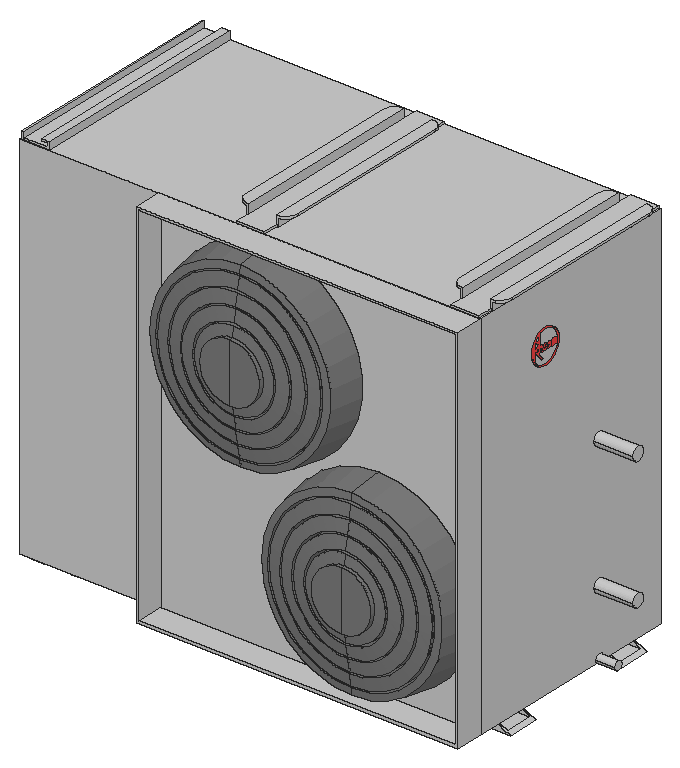
Revit family "Heat Pump-Rheem-A2W-16kW-Horizontal", category Mechanical Equipment, Revit 2020
Family settings
  Round Connector Dimension = Use Radius
  Part Type = Normal
  OmniClass Number = 23.75.10.21
  OmniClass Title = Heat Pumps
  Work Plane-Based = No
  Always vertical = Yes
  Cut with Voids When Loaded = No
  Shared = No
  Room Calculation Point = No
Parameters (values of type "952016HS")
  calcTopSupport = if(Show Top Supports, 26 mm, 0 mm)  # 26 mm
  calcRightFanOffset = if(Show Fan Frame, 256 mm, 255 mm)  # 256 mm
  calcLeftFanOffset = if(Show Fan Frame, 280 mm, 281 mm)  # 280 mm
  calcFanGuardDepth = if(Show Fan Frame, 116 mm, 23 mm)  # 116 mm
  Width_ANZRS = if(Show Fan Frame, 681 mm, 588 mm)  # 681 mm
  Wattage_ANZRS = 16 kW  # constant formula
  Voltage_ANZRS = 230 V
  URL = "https://www.rheem.com.au/products/commercial/commercial-heat-pumps"
  Type Comments = ""
  SupportInsetSide = 68 mm  # constant formula
  Show Top Supports = yes
  Show Fan Frame = yes
  ProductCode_ANZRS = "952016HS"
  PowerFactor_ANZRS = 1
  PipeInsetSide = 195 mm  # constant formula
  OutletPipeDiameter = 32 mm  # constant formula
  calcOutletPipeRad = if(1 = 1, OutletPipeDiameter / 2, 0 mm)  # 16 mm
  Model = "Rheem Commercial Air to Water Heat Pump – 16kW Ducted & Stacked"
  Material_ANZRS = Rheem-Steel-Grey
  Manufacturer = "Rheem"  # constant formula
  Length_ANZRS = 1155 mm  # constant formula
  InletPipeDiameter = 32 mm  # constant formula
  calcInletPipeRadius = if(1 = 1, InletPipeDiameter / 2, 0 mm)  # 16 mm
  Height_ANZRS = if(Show Top Supports, 1010 mm, 984 mm)  # 1010 mm
  Description = "Rheem's Commercial Air to Water (A2W) Heat Pump is designed with the commercial user in mind. A truly commercial grade heat pump that delivers hot water at 65°C with a system Coefficient of Performance (COP) up to 4.0. Ducted models are designed to be connected to ducting to convey cold discharge air away from the heat pump air inlet if a sufficient supply of heat energy is not available in the installation area. Stackable models allow horizontal discharge units to be stacked two high for reduced footprint."
  Default Elevation = 0 mm
  CreatedBy_ANZRS = "Design Content"  # constant formula
  CreatedByURL_ANZRS = "https://www.designcontent.com.au/"
  BodyWidth = 565 mm  # constant formula
  Assembly Code = ""
  ApparentLoad_ANZRS = Wattage_ANZRS  # 16 kW
Types (4, lengths in mm): name | calcTopSupport | calcRightFanOffset | calcLeftFanOffset | calcFanGuardDepth | Width_ANZRS | Show Top Supports | Show Fan Frame | ProductCode_ANZRS | Model | Height_ANZRS | Description
  953016H0 | 0 | 255 | 281 | 23 | 588 | no | no | "953016H0" | "Rheem Commercial Air to Water Heat Pump – 16kW Horizontal Discharge & Non Ducted" | 984 | "Rheem's Commercial Air to Water (A2W) Heat Pump is designed with the commercial user in mind. A truly commercial grade heat pump that delivers hot water at 65°C with a system Coefficient of Performance (COP) up to 4.0. Non ducted models are generally designed for outdoor installations. Non ducted models may be installed indoors, without ducting, if a sufficient supply of heat energy is available."
  953016HS | 26 | 255 | 281 | 23 | 588 | yes | no | "953016HS" | "Rheem Commercial Air to Water Heat Pump – 16kW Non Ducted & Stacked" | 1010 | "Rheem's Commercial Air to Water (A2W) Heat Pump is designed with the commercial user in mind. A truly commercial grade heat pump that delivers hot water at 65°C with a system Coefficient of Performance (COP) up to 4.0. Non ducted models are generally designed for outdoor installations. Non ducted models may be installed indoors, without ducting, if a sufficient supply of heat energy is available. Stackable models allow horizontal discharge units to be stacked two high for reduced footprint."
  952016H0 | 0 | 256 | 280 | 116 | 681 | no | yes | "952016H0" | "Rheem Commercial Air to Water Heat Pump – 16kW Horizontal Discharge & Ducted" | 984 | "Rheem's Commercial Air to Water (A2W) Heat Pump is designed with the commercial user in mind. A truly commercial grade heat pump that delivers hot water at 65°C with a system Coefficient of Performance (COP) up to 4.0. Ducted models are designed to be connected to ducting to convey cold discharge air away from the heat pump air inlet if a sufficient supply of heat energy is not available in the installation area."
  952016HS | 26 | 256 | 280 | 116 | 681 | yes | yes | "952016HS" | "Rheem Commercial Air to Water Heat Pump – 16kW Ducted & Stacked" | 1010 | "Rheem's Commercial Air to Water (A2W) Heat Pump is designed with the commercial user in mind. A truly commercial grade heat pump that delivers hot water at 65°C with a system Coefficient of Performance (COP) up to 4.0. Ducted models are designed to be connected to ducting to convey cold discharge air away from the heat pump air inlet if a sufficient supply of heat energy is not available in the installation area. Stackable models allow horizontal discharge units to be stacked two high for reduced footprint."
Reference planes
  plane 1 "Center (Front/Back)": y = 0
  plane 2: z = 0
  plane 3 "Center (Left/Right)": x = 0
  plane 4 "Back": y = 282.5
  plane 5 "Front": y = -282.5
  plane 6 "Left": x = -577.5
  plane 7 "Right": x = 577.5
  plane 8: z = 49
  plane 9 "HEIGHT": z = 984
  plane 10 "Inlet": z = 223.5
  plane 11 "Outlet": z = 553.5
  plane 12: y = 280.5
  plane 13: x = 524.5
  plane 14: x = -472.5
  plane 15: y = -352.5
  plane 16: x = 677.5
  plane 17 "Pipe Connectors": y = 87.5
  plane 18: x = -228.5
  plane 19: y = -214.5
  plane 20: y = 214.5
  plane 21 "CompAccess1": y = 143.5
  plane 22 "CompAccess2": y = -228.5
  plane 23: x = 321.5
  plane 24: x = 41.5
  plane 25: z = 24.5
  plane 26: x = 627.5
  plane 27: z = 1010
  plane 28: x = 598.5
Forms (mm)
  Extrusion 1, solid, material "Rheem-Steel-Grey" <- "Material_ANZRS", detail levels medium+fine
    sketch origin (0, 0, 0) x (1, 0, 0) y (0, 1, 0)
      loop
        line (-577.5, 280.5) -> (-577.5, -282.5) -> (577.5, -282.5) -> (577.5, 280.5) -> (-577.5, 280.5)
    from 49 to 984
  Extrusion 2, solid, material "Rheem-Steel-Grey" <- "Material_ANZRS", detail levels medium+fine
    sketch origin (0, 0, 0) x (1, 0, 0) y (0, 0, 1)
      loop
        line (-577.5, 984) -> (-577.5, 49) -> (-14.281, 49) -> (577.5, 49) -> (577.5, 984) -> (-577.5, 984)
      loop
        line (-472.5, 69) -> (6, 69) -> (6, 964) -> (-472.5, 964) -> (-472.5, 69)
      loop
        line (524.5, 964) -> (46, 964) -> (46, 69) -> (524.5, 69) -> (524.5, 964)
    from -282.5 to -280.5
  Extrusion 3, solid, material "Rheem-Steel-Grey" <- "Material_ANZRS"
    sketch origin (0, 111.908, 381.979) x (0, -1, 0) y (0, 0, 1)
      loop
        circle (24.408, -158.479) r 16
      loop
        circle (24.408, 171.521) r 16
    from -577.5 to -677.5
  Extrusion 4, solid, material "Rheem-Steel-Grey" <- "Material_ANZRS", visible <- "Show Fan Frame"
    sketch origin (0, -282.5, 0) x (-1, 0, 0) y (0, 0, -1)
      loop
        line (228.5, -984) -> (228.5, -49) -> (-577.5, -49) -> (-577.5, -984) -> (228.5, -984)
      loop
        line (223.5, -979) -> (223.5, -54) -> (-572.5, -54) -> (-572.5, -979) -> (223.5, -979)
    from 0 to 70
  Extrusion 5, solid, material "Rheem-Steel-Grey" <- "Material_ANZRS", detail levels medium+fine
    sketch origin (0, 0, 0) x (1, 0, 0) y (0, 0, 1)
      loop
        line (-577.5, 5) -> (-602.5, 5) -> (-602.5, 0) -> (-572.5, 0) -> (-572.5, 19.5) -> (-502.5, 19.5) -> (-502.5, 0) -> (-472.5, 0) -> (-472.5, 5) -> (-497.5, 5) -> (-497.5, 24.5) -> (-577.5, 24.5) -> (-577.5, 5)
    from -214.5 to 214.5
  Extrusion 6, solid, material "Rheem-Steel-Grey-Perforated", detail levels medium+fine
    sketch origin (-575, 357.5, 0) x (1, 0, 0) y (0, 0, -1)
      loop
        line (1099.5, -964) -> (1099.5, -69) -> (621, -69) -> (621, -964) -> (1099.5, -964)
      loop
        line (102.5, -69) -> (102.5, -964) -> (581, -964) -> (581, -69) -> (102.5, -69)
    from -77 to -75
  Extrusion 7, solid, material "Rheem-Steel-Grey" <- "Material_ANZRS"
    sketch origin (577.5, 0, 0) x (0, -1, 0) y (0, 0, -1)
      loop
        circle (-87.5, -59) r 10
    from 0 to 50
  Extrusion 8, solid, detail levels medium+fine
    sketch origin (-577.5, 0, 0) x (0, -1, 0) y (0, 0, 1)
      loop
        circle (255.5, 703.5) r 15
      loop
        circle (255.5, 653.5) r 15
      loop
        circle (255.5, 603.5) r 15
      loop
        circle (255.5, 553.5) r 15
    from 0 to 5
  Extrusion 9, solid, material "Rheem-Steel-Grey" <- "Material_ANZRS", visible <- "Show Top Supports", detail levels medium+fine
    sketch origin (575, 0, 960) x (0, 0, -1) y (1, 0, 0)
      loop
        line (-44.975, 2.5) -> (-44.975, 27.5) -> (-49.975, 27.5) -> (-49.975, -2.5) -> (-29, -2.5) -> (-29, -72.5) -> (-49.975, -72.5) -> (-49.975, -102.5) -> (-44.975, -102.5) -> (-44.975, -77.5) -> (-24, -77.5) -> (-24, 2.5) -> (-44.975, 2.5)
      loop
        line (-50, -540) -> (-29, -540) -> (-29, -610) -> (-50, -610) -> (-50, -640) -> (-45, -640) -> (-45, -615) -> (-24, -615) -> (-24, -535) -> (-45, -535) -> (-45, -510) -> (-50, -510) -> (-50, -540)
      loop
        line (-24, -1077.5) -> (-43, -1077.5) -> (-43, -1097.5) -> (-38, -1097.5) -> (-38, -1082.5) -> (-29, -1082.5) -> (-29, -1142.5) -> (-43, -1142.5) -> (-43, -1147.5) -> (-24, -1147.5) -> (-24, -1077.5)
    from -282.5 to 282.5
  Extrusion 10, void
    sketch origin (0, 0, 984) x (-1, 0, 0) y (0, -1, 0)
      loop
        line (65, -282.5) -> (65, -214.5)
        arc (65, -214.5) -> (56.213, -235.713) -> (35, -244.5) r 30
        line (35, -244.5) -> (35, -282.5) -> (65, -282.5)
      loop
        line (-65, -282.5) -> (-35, -282.5) -> (-35, -244.5)
        arc (-35, -244.5) -> (-56.213, -235.713) -> (-65, -214.5) r 30
        line (-65, -214.5) -> (-65, -282.5)
      loop
        line (-472.5, -282.5) -> (-472.5, -214.5)
        arc (-472.5, -214.5) -> (-481.287, -235.713) -> (-502.5, -244.5) r 30
        line (-502.5, -244.5) -> (-502.5, -282.5) -> (-472.5, -282.5)
      loop
        line (-602.5, -282.5) -> (-572.5, -282.5) -> (-572.5, -244.5)
        arc (-572.5, -244.5) -> (-593.713, -235.713) -> (-602.5, -214.5) r 30
        line (-602.5, -214.5) -> (-602.5, -282.5)
      loop
        line (65, 282.5) -> (35, 282.5) -> (35, 244.5)
        arc (35, 244.5) -> (56.213, 235.713) -> (65, 214.5) r 30
        line (65, 214.5) -> (65, 282.5)
      loop
        line (-65, 282.5) -> (-65, 214.5)
        arc (-65, 214.5) -> (-56.213, 235.713) -> (-35, 244.5) r 30
        line (-35, 244.5) -> (-35, 282.5) -> (-65, 282.5)
      loop
        line (-472.5, 282.5) -> (-502.5, 282.5) -> (-502.5, 244.5)
        arc (-502.5, 244.5) -> (-481.287, 235.713) -> (-472.5, 214.5) r 30
        line (-472.5, 214.5) -> (-472.5, 282.5)
      loop
        line (-602.5, 282.5) -> (-602.5, 214.5)
        arc (-602.5, 214.5) -> (-593.713, 235.713) -> (-572.5, 244.5) r 30
        line (-572.5, 244.5) -> (-572.5, 282.5) -> (-602.5, 282.5)
    from 0 to 28.475
  Extrusion 11, solid, material "Rheem-Steel-Grey" <- "Material_ANZRS", detail levels coarse
    sketch origin (0, 0, 984) x (-1, 0, 0) y (0, -1, 0)
      loop
        line (577.5, -282.5) -> (577.5, 282.5) -> (-577.5, 282.5) -> (-577.5, -282.5) -> (577.5, -282.5)
    from -984 to 26
  Extrusion 12, solid, material "Rheem-Steel-Grey" <- "Material_ANZRS", detail levels medium+fine
    sketch origin (0, 0, 0) x (0, 1, 0) y (0, 0, 1)
      loop
        line (239.5, 49) -> (209.5, 49) -> (209.5, 29.5) -> (139.481, 29.5) -> (139.481, 49) -> (109.395, 49) -> (109.395, 44) -> (134.395, 44) -> (134.395, 24.5) -> (214.5, 24.5) -> (214.5, 44) -> (239.5, 44) -> (239.5, 49)
      loop
        line (-109.395, 49) -> (-139.395, 49) -> (-139.395, 29.5) -> (-209.414, 29.5) -> (-209.414, 49) -> (-239.5, 49) -> (-239.5, 44) -> (-214.5, 44) -> (-214.5, 24.5) -> (-134.395, 24.5) -> (-134.395, 44) -> (-109.395, 44) -> (-109.395, 49)
    from -577.5 to 598.5
  Extrusion 13, void
    sketch origin (0, 0, 0) x (1, 0, 0) y (0, 0, 1)
      loop
        line (-577.5, 24.5) -> (-524.96, 49) -> (-577.5, 49) -> (-577.5, 24.5)
      loop
        line (598.5, 24.5) -> (598.5, 49) -> (545.96, 49) -> (598.5, 24.5)
    from -239.5 to 239.5
Cuts and joins
  Extrusion 10, Extrusion 13 cuts Extrusion 1
  Extrusion 10, Extrusion 13 cuts Extrusion 2
  joined: Extrusion 1, Extrusion 2
  Extrusion 10 cuts Extrusion 9
  Extrusion 13 cuts Extrusion 12
Lines and regions (mm)
  Split face 1
    outline origin (-577.5, 280.5, 984) x (0, 1, 0) y (0, 0, -1)
      loop
        line (-137, 1) -> (-137, 934) -> (-509, 934) -> (-509, 1) -> (-137, 1)
  Split face 2
    outline origin (577.5, 280.5, 49) x (0, 1, 0) y (0, 0, 1)
      loop
        line (-497, 934) -> (-497, 1) -> (-225, 1) -> (-225, 934) -> (-497, 934)
  model lines, style "Heat Pumps", detail levels medium+fine
    curve 1: line (377.5, 182.5, 984) -> (-377.5, 182.5, 984)
    curve 2: line (477.5, -82.5, 984) -> (477.5, 82.5, 984)
    curve 3: line (-377.5, -182.5, 984) -> (377.5, -182.5, 984)
    curve 4: line (-477.5, 82.5, 984) -> (-477.5, -82.5, 984)
    curve 5: arc (-377.5, 182.5, 984) -> (-448.211, 153.211, 984) -> (-477.5, 82.5, 984) r 100
    curve 6: arc (-477.5, -82.5, 984) -> (-448.211, -153.211, 984) -> (-377.5, -182.5, 984) r 100
    curve 7: arc (477.5, -82.5, 984) -> (448.211, -153.211, 984) -> (377.5, -182.5, 984) r 100
    curve 8: arc (477.5, 82.5, 984) -> (448.211, 153.211, 984) -> (377.5, 182.5, 984) r 100
Dimensions and locks
  equal spacing: plane 6 "Left", plane 3 "Center (Left/Right)", plane 7 "Right"
  equal spacing: plane 4 "Back", plane 1 "Center (Front/Back)", plane 5 "Front"
  "BodyWidth": plane 4 "Back" to plane 5 "Front"
  "Length_ANZRS": plane 6 "Left" to plane 7 "Right"
  locked: plane 10 "Inlet" to plane 25 at 199
  locked: plane 11 "Outlet" to plane 10 "Inlet" at 330
  locked: plane 4 "Back" to plane 12 at 2
  locked: plane 8 to Extrusion 2 sketch curve at 20
  locked: Extrusion 2 sketch curve to plane 9 "HEIGHT" at 20
  locked: plane 16 to plane 7 "Right" at 100
  locked: plane 18 to plane 7 "Right" at 806
  locked: plane 15 to plane 5 "Front" at 70
  locked: plane 9 "HEIGHT" to Extrusion 4 sketch curve at 5
  locked: plane 7 "Right" to Extrusion 4 sketch curve at 5
  locked: Extrusion 4 sketch curve to plane 18 at 5
  locked: Extrusion 4 sketch curve to plane 8 at 5
  "PipeInsetSide": plane 17 "Pipe Connectors" to plane 4 "Back"
  Extrusion 5 sketch curve to plane 6 "Left" to Extrusion 5 sketch curve to Extrusion 5 sketch curve to Extrusion 5 sketch curve to Extrusion 5 sketch curve = 25 mm locked, 5 mm locked, 70 mm locked, 5 mm locked, 25 mm locked
  Extrusion 5 sketch curve to Extrusion 5 sketch curve to plane 2 = 0 mm locked, 5 mm locked
  "SupportInsetSide": plane 5 "Front" to plane 19
  "SupportInsetSide": plane 20 to plane 4 "Back"
  locked: plane 9 "HEIGHT" to Split face 1 sketch curve at 1
  locked: Split face 1 sketch curve to plane 8 at 1
  equal spacing: plane 21 "CompAccess1", nested 1, plane 22 "CompAccess2"
  plane 21 "CompAccess1" to plane 22 "CompAccess2" to plane 5 "Front" = 372 mm locked, 54 mm locked
  locked: plane 13 to plane 7 "Right" at 53
  locked: plane 6 "Left" to plane 14 at 105
  locked: plane 9 "HEIGHT" to plane 8 at 935
  nested 2 to nested 3 to plane 8 = 414 mm locked, 262 mm locked
  "calcLeftFanOffset": plane 24 to plane 23
  "calcRightFanOffset": plane 7 "Right" to plane 23
  equal spacing: plane 8, plane 25, plane 2
  locked: plane 25 to Extrusion 5 sketch curve at 5
  locked: plane 5 "Front" to Split face 2 sketch curve at 66
  locked: Split face 2 sketch curve to plane 4 "Back" at 227
  locked: plane 9 "HEIGHT" to Split face 2 sketch curve at 1
  locked: Split face 2 sketch curve to plane 8 at 1
  locked: Extrusion 7 sketch curve to plane 8 at 10
  equal spacing: plane 16, plane 26, plane 7 "Right"
  equal spacing: plane 22 "CompAccess2", Extrusion 8 sketch curve, plane 5 "Front"
  locked: plane 9 "HEIGHT" to nested 1 at 150
  locked: plane 8 to Extrusion 12 sketch curve at 5  (x2)
  locked: Extrusion 12 sketch curve to plane 25 at 5  (x2)
  Extrusion 12 sketch curve to plane 20 to Extrusion 12 sketch curve to Extrusion 12 sketch curve to Extrusion 12 sketch curve to Extrusion 12 sketch curve = 25 mm locked, 5 mm locked, 70.019 mm locked, 5.086 mm locked, 25 mm locked
  Extrusion 12 sketch curve to Extrusion 12 sketch curve to Extrusion 12 sketch curve to Extrusion 12 sketch curve to Extrusion 12 sketch curve to Extrusion 12 sketch curve = 25 mm locked, 5 mm locked, 70.019 mm locked, 5.086 mm locked, 25 mm locked
  locked: plane 6 "Left" to plane 28 at 1176
  "calcTopSupport": plane 27 to plane 9 "HEIGHT"
  Extrusion 9 sketch curve to Extrusion 9 sketch curve to plane 9 "HEIGHT" = 14 mm locked, 5 mm locked
  locked: Extrusion 9 sketch curve to plane 9 "HEIGHT" at 26
  locked: Extrusion 9 sketch curve to Extrusion 9 sketch curve at 5
  locked: Extrusion 9 sketch curve to plane 9 "HEIGHT" at 25.975
  locked: Extrusion 9 sketch curve to plane 9 "HEIGHT" at 20.975
  plane 9 "HEIGHT" to nested 4 = 150 mm
  equal spacing: Split face 2, nested 4, Split face 2, locked at 136 each
  "calcOutletPipeRad": radius of Extrusion 3 sketch curve
  "calcInletPipeRadius": radius of Extrusion 3 sketch curve
  aligned and locked: level to plane 2
  aligned and locked: Extrusion 1 sketch curve to plane 6 "Left"
  aligned and locked: Extrusion 1 sketch curve to plane 7 "Right"
  aligned and locked: plane 9 "HEIGHT" to Extrusion 1
  aligned and locked: Extrusion 1 to plane 8
  aligned and locked: plane 5 "Front" to Extrusion 1
  aligned and locked: Extrusion 1 sketch curve to plane 12
  aligned and locked: cut or joined group of Extrusion 1, Extrusion 2, Extrusion 10, Extrusion 13 to plane 12
  aligned and locked: plane 4 "Back" to cut or joined group of Extrusion 1, Extrusion 2, Extrusion 10, Extrusion 13
  aligned and locked: Extrusion 2 sketch curve to plane 13
  aligned and locked: plane 14 to Extrusion 2 sketch curve
  aligned and locked: plane 18 to Extrusion 4 sketch curve
  aligned and locked: Extrusion 4 sketch curve to plane 9 "HEIGHT"
  aligned and locked: Extrusion 4 sketch curve to plane 7 "Right"
  aligned and locked: plane 8 to Extrusion 4 sketch curve
  aligned and locked: Extrusion 3 to plane 7 "Right"
  aligned and locked: Extrusion 4 to plane 15
  aligned and locked: Extrusion 4 to plane 5 "Front"
  aligned and locked: Extrusion 5 sketch curve to plane 6 "Left"
  aligned and locked: plane 2 to Extrusion 5 sketch curve  (x2)
  aligned and locked: Extrusion 5 to plane 19
  aligned and locked: plane 20 to Extrusion 5
  aligned and locked: Split face 1 sketch curve to plane 22 "CompAccess2"
  aligned and locked: Split face 1 sketch curve to plane 21 "CompAccess1"
  aligned and locked: plane 11 "Outlet" to Extrusion 3 sketch curve
  aligned and locked: plane 17 "Pipe Connectors" to Extrusion 3 sketch curve  (x2)
  aligned and locked: plane 10 "Inlet" to Extrusion 3 sketch curve
  aligned and locked: Extrusion 6 to plane 13
  aligned and locked: plane 14 to Extrusion 6
  aligned and locked: Extrusion 6 to plane 12
  aligned and locked: plane 4 "Back" to Extrusion 6
  aligned and locked: cut or joined group of Extrusion 1, Extrusion 2, Extrusion 10, Extrusion 13 to Extrusion 6
  aligned and locked: Extrusion 6 to cut or joined group of Extrusion 1, Extrusion 2, Extrusion 10, Extrusion 13
  aligned and locked: plane 24 to nested 2
  aligned and locked: nested 3 to plane 23
  aligned and locked: Extrusion 2 sketch curve to Extrusion 6  (x2)
  aligned and locked: Extrusion 5 sketch curve to plane 25
  aligned and locked: plane 17 "Pipe Connectors" to Extrusion 7 sketch curve
  aligned and locked: Extrusion 7 to cut or joined group of Extrusion 1, Extrusion 2, Extrusion 10, Extrusion 13
  aligned and locked: plane 26 to Extrusion 7
  aligned and locked: Extrusion 8 to cut or joined group of Extrusion 1, Extrusion 2, Extrusion 10, Extrusion 13
  aligned and locked: plane 5 "Front" to Extrusion 9
  aligned and locked: plane 4 "Back" to Extrusion 9
  aligned and locked: Extrusion 10 sketch curve to Extrusion 9
  aligned and locked: Extrusion 10 sketch curve to plane 4 "Back"
  aligned and locked: Extrusion 10 to plane 9 "HEIGHT"
  aligned and locked: Extrusion 11 sketch curve to plane 4 "Back"
  aligned and locked: Extrusion 11 sketch curve to plane 5 "Front"
  aligned and locked: Extrusion 11 sketch curve to plane 7 "Right"
  aligned and locked: Extrusion 11 sketch curve to plane 6 "Left"
  aligned and locked: Extrusion 11 to plane 2
  aligned and locked: plane 27 to Extrusion 11
  aligned and locked: Extrusion 12 sketch curve to plane 25  (x2)
  aligned and locked: plane 6 "Left" to Extrusion 12
  aligned and locked: plane 28 to Extrusion 12
  aligned and locked: plane 6 "Left" to Extrusion 13 sketch curve
  aligned and locked: plane 8 to Extrusion 13 sketch curve
  aligned and locked: Extrusion 13 to cut or joined group of Extrusion 12, Extrusion 13  (x2)
  aligned and locked: Extrusion 9 sketch curve to Extrusion 9 sketch curve  (x5)
Automatic sketch dimensions
  plane 5 "Front" to Extrusion 1 sketch curve = 0 mm
  plane 6 "Left" to Extrusion 2 sketch curve = 0 mm
  Extrusion 2 sketch curve to plane 8 = 0 mm
  Extrusion 2 sketch curve to plane 7 "Right" = 0 mm
  Extrusion 2 sketch curve to plane 9 "HEIGHT" = 0 mm
  Extrusion 2 sketch curve to plane 3 "Center (Left/Right)" = 14.281 mm
  plane 8 to Extrusion 2 sketch curve = 20 mm
  Extrusion 2 sketch curve to plane 9 "HEIGHT" = 20 mm
  curve 4 to Extrusion 2 = 100 mm
  curve 6 to curve 3 = 100 mm
  curve 5 to curve 1 = 100 mm
  curve 3 to Extrusion 2 = 200 mm
  curve 1 to Extrusion 2 = 98 mm
  curve 1 to Extrusion 2 = 200 mm
  curve 2 to Extrusion 2 = 100 mm
  curve 7 to curve 8 = 165 mm
  plane 14 to Extrusion 6 sketch curve = 0 mm
  plane 13 to Extrusion 6 sketch curve = 0 mm
  plane 3 "Center (Left/Right)" to Extrusion 6 sketch curve = 6 mm
  Extrusion 6 sketch curve to plane 24 = 4.5 mm
  Extrusion 6 sketch curve to plane 9 "HEIGHT" = 20 mm  (x2)
  plane 8 to Extrusion 6 sketch curve = 20 mm  (x2)
  Extrusion 8 sketch curve to plane 11 "Outlet" = 0 mm
  Extrusion 8 sketch curve to plane 5 "Front" = 27 mm  (x3)
  plane 11 "Outlet" to Extrusion 8 sketch curve = 50 mm
  Extrusion 8 sketch curve to Extrusion 8 sketch curve = 50 mm  (x2)
  Extrusion 9 sketch curve to plane 7 "Right" = 0 mm
  Extrusion 9 sketch curve to plane 9 "HEIGHT" = 0 mm  (x3)
  Extrusion 9 sketch curve to Extrusion 9 sketch curve = 5 mm  (x4)
  plane 9 "HEIGHT" to Extrusion 9 sketch curve = 5 mm  (x2)
  Extrusion 9 sketch curve to plane 7 "Right" = 5 mm
  plane 13 to Extrusion 9 sketch curve = 22 mm
  Extrusion 9 sketch curve to Extrusion 9 sketch curve = 25 mm  (x2)
  Extrusion 9 sketch curve to plane 24 = 23.5 mm
  plane 24 to Extrusion 9 sketch curve = 1.5 mm
  plane 24 to Extrusion 9 sketch curve = 6.5 mm
  Extrusion 9 sketch curve to plane 3 "Center (Left/Right)" = 35 mm
  plane 14 to Extrusion 9 sketch curve = 30 mm
  Extrusion 9 sketch curve to Extrusion 9 sketch curve = 15 mm
  Extrusion 9 sketch curve to plane 6 "Left" = 10 mm
  Extrusion 9 sketch curve to plane 6 "Left" = 5 mm
  plane 28 to Extrusion 9 sketch curve = 4 mm
  Extrusion 10 sketch curve to plane 19 = 0 mm  (x8)
  Extrusion 10 sketch curve to plane 20 = 0 mm  (x8)
  Extrusion 10 sketch curve to plane 4 "Back" = 0 mm  (x3)
  plane 5 "Front" to Extrusion 10 sketch curve = 0 mm  (x4)
  plane 24 to Extrusion 10 sketch curve = 6.5 mm  (x2)
  Extrusion 10 sketch curve to plane 24 = 23.5 mm  (x2)
  plane 13 to Extrusion 10 sketch curve = 52 mm  (x2)
  plane 13 to Extrusion 10 sketch curve = 22 mm  (x2)
  Extrusion 10 sketch curve to plane 7 "Right" = 5 mm  (x2)
  plane 28 to Extrusion 10 sketch curve = 4 mm  (x2)
  plane 22 "CompAccess2" to Extrusion 10 sketch curve = 16 mm  (x4)
  Extrusion 10 sketch curve to plane 3 "Center (Left/Right)" = 35 mm
  Extrusion 10 sketch curve to Extrusion 10 sketch curve = 30 mm  (x6)
  Extrusion 12 sketch curve to plane 8 = 0 mm  (x4)
  Extrusion 12 sketch curve to plane 19 = 0 mm
  Extrusion 12 sketch curve to plane 20 = 0 mm
  Extrusion 12 sketch curve to plane 8 = 5 mm  (x2)
  Extrusion 13 sketch curve to plane 8 = 0 mm
  Extrusion 13 sketch curve to plane 25 = 0 mm  (x2)
  Extrusion 13 sketch curve to plane 28 = 0 mm
  plane 14 to Extrusion 13 sketch curve = 52.46 mm
  Extrusion 13 sketch curve to plane 13 = 21.46 mm
  radius of Extrusion 7 sketch curve = 10 mm
  radius of Extrusion 8 sketch curve = 15 mm  (x4)
Nested families
  nested 1: "X_Rheem Logo" at (-577.5, -42.5, 834) x (0, -1, 0) z (-1, 0, 0), type "Standard", detail levels fine
  nested 2: "X_Rheem_FanGuard" at (41.5, -282.5, 725) x (-1, 0, 0) z (0, -1, 0), type "Standard"
    with FanGuardDepth 116 mm
  nested 3: "X_Rheem_FanGuard" at (321.5, -282.5, 311) x (-1, 0, 0) z (0, -1, 0), type "Standard"
    with FanGuardDepth 116 mm
  nested 4: "X_Rheem Logo" at (577.5, -80.5, 834) x (0, 1, 0) z (1, 0, 0), type "Standard", detail levels fine
Connectors
  piping at (677.5, 87.5, 223.5), diameter 32, driven by "calcInletPipeRadius"
    settings: on Extrusion 3, index 9, connector inside diameter 20 mm, connector length 0 mm, flow factor 0, pipe flow 0.0 L/s, pressure drop 0.0 Pa, fitting loss kfactor 0, connector angle 0.00°, fixture units 0, engagement length 0 mm, angle of deflection 0.00°, flow configuration 1, flow direction 1, fitting loss method 0, system type 20, joint type 0, gender type 0, connector reference index -1, connector utility 0, adjustable connector no, is connector primary yes, connector description "Water In"
  piping at (677.5, 87.5, 553.5), diameter 32, driven by "calcOutletPipeRad"
    settings: on Extrusion 3, index 10, connector inside diameter 20 mm, connector length 0 mm, flow factor 0, pipe flow 0.0 L/s, pressure drop 0.0 Pa, fitting loss kfactor 0, connector angle 0.00°, fixture units 0, engagement length 0 mm, angle of deflection 0.00°, flow configuration 1, flow direction 2, fitting loss method 0, system type 19, joint type 0, gender type 0, connector reference index -1, connector utility 0, adjustable connector no, is connector primary no, connector description "Water Out"
  piping at (627.5, 87.5, 59), diameter 20
    settings: on Extrusion 7, index 11, connector inside diameter 609.6 mm, connector length 0 mm, flow factor 0, pipe flow 0.0 L/s, pressure drop 0.0 Pa, fitting loss kfactor 0, connector angle 0.00°, fixture units 0, engagement length 0 mm, angle of deflection 0.00°, flow configuration 1, flow direction 2, fitting loss method 0, system type 16, joint type 0, gender type 0, connector reference index -1, connector utility 0, adjustable connector no, is connector primary no, connector description ""
  electrical at (-577.5, -255.5, 703.5), driven by "Voltage_ANZRS", driven by "ApparentLoad_ANZRS", driven by "PowerFactor_ANZRS"
    settings: on Extrusion 8, index 12, voltage 230 V, apparent load 16 kW, apparent load phase1 0 kW, apparent load phase2 0 kW, apparent load phase3 0 kW, power factor 1, load classification "Power", number of poles 1, system type 30, power factor state 1, is connector primary yes, connector utility no, sub classification motor no, connector description ""
  electrical at (-577.5, -255.5, 653.5), driven by "Voltage_ANZRS", driven by "ApparentLoad_ANZRS", driven by "PowerFactor_ANZRS"
    settings: on Extrusion 8, index 13, voltage 230 V, apparent load 16 kW, apparent load phase1 0 kW, apparent load phase2 0 kW, apparent load phase3 0 kW, power factor 1, load classification "Power", number of poles 1, system type 30, power factor state 1, is connector primary no, connector utility no, sub classification motor no, connector description ""
  electrical at (-577.5, -255.5, 603.5), driven by "Voltage_ANZRS", driven by "ApparentLoad_ANZRS", driven by "PowerFactor_ANZRS"
    settings: on Extrusion 8, index 14, voltage 230 V, apparent load 16 kW, apparent load phase1 0 kW, apparent load phase2 0 kW, apparent load phase3 0 kW, power factor 1, load classification "Power", number of poles 1, system type 30, power factor state 1, is connector primary no, connector utility no, sub classification motor no, connector description ""
  electrical at (-577.5, -255.5, 553.5), driven by "Voltage_ANZRS", driven by "ApparentLoad_ANZRS", driven by "PowerFactor_ANZRS"
    settings: on Extrusion 8, index 15, voltage 230 V, apparent load 16 kW, apparent load phase1 0 kW, apparent load phase2 0 kW, apparent load phase3 0 kW, power factor 1, load classification "Power", number of poles 1, system type 30, power factor state 1, is connector primary no, connector utility no, sub classification motor no, connector description ""
Definition of nested family "X_Rheem Logo"
  Parameters (values of type "Standard")
    Default Elevation = 1219.2 mm
    Assembly Code = ""
  Reference planes
    plane 1 "Center (Front/Back)": y = 0
    plane 2: z = 0
    plane 3 "Center (Left/Right)": x = 0
  Forms (mm)
    Extrusion 1, solid
      sketch origin (0, 0, 0) x (1, 0, 0) y (0, 1, 0)
        loop
          line (-1219.2, 1219.2) -> (-1219.2, -1219.2) -> (1219.2, -1219.2) -> (1219.2, 1219.2) -> (-1219.2, 1219.2)
      from 0 to -304.8
    Extrusion 2, solid
      sketch origin (0, 0, 0) x (1, 0, 0) y (0, 1, 0)
        loop
          arc (-33.529, -21.813) -> (38.36, -11.338) -> (-16.283, 36.536) r 40
          line (-16.283, 36.536) -> (-16.283, 5.397)
          arc (-16.283, 5.397) -> (-14.75, 6.901) -> (-12.662, 7.405) r 4.033
          arc (-12.662, 7.405) -> (-9.852, 6.403) -> (-8.561, 3.712) r 3.918
          line (-8.561, 3.712) -> (-8.561, -8.033) -> (-11.525, -8.033) -> (-11.525, 1.806)
          arc (-11.525, 1.806) -> (-12.858, 4.057) -> (-15.428, 3.572) r 2.279
          arc (-15.428, 3.572) -> (-15.988, 2.759) -> (-16.246, 1.806) r 2.925
          line (-16.246, 1.806) -> (-16.246, -8.079) -> (-19.645, -8.079) -> (-19.645, 34.843)
          arc (-19.645, 34.843) -> (-26.644, 29.834) -> (-32.41, 23.444) r 40
          arc (-32.41, 23.444) -> (-21.103, 13.87) -> (-28.782, 1.2) r 11.411
          line (-28.782, 1.2) -> (-7.321, -24.919) -> (-11.462, -24.919) -> (-31.83, -0.131) -> (-31.83, -21.813) -> (-33.529, -21.813)
        loop
          line (-35.017, -19.335) -> (-35.017, 19.335)
          arc (-35.017, 19.335) -> (-40, 0) -> (-35.017, -19.335) r 40
        loop
          line (19.37, -8.097) -> (22.563, -8.097) -> (22.563, 2.258)
          spline (22.563, 2.258) -> (22.878, 3.103) -> (23.24, 3.526) -> (23.639, 3.818) -> (24.082, 3.997) -> (24.556, 4.074) -> (25.034, 4.068) -> (25.491, 3.983) -> (25.903, 3.817) -> (26.238, 3.56) -> (26.492, 3.191) -> (26.717, 2.639) -> (26.9, 1.6)
          line (26.9, 1.6) -> (26.9, -8.097) -> (29.854, -8.097) -> (29.854, 2.258)
          spline (29.854, 2.258) -> (30.181, 3.064) -> (30.553, 3.474) -> (30.969, 3.74) -> (31.419, 3.936) -> (31.889, 4.059) -> (32.364, 4.078) -> (32.821, 3.995) -> (33.233, 3.826) -> (33.568, 3.567) -> (33.822, 3.195) -> (34.048, 2.639) -> (34.231, 1.594)
          line (34.231, 1.594) -> (34.231, -8.097) -> (37.174, -8.097) -> (37.174, 3.718)
          spline (37.174, 3.718) -> (36.65, 5.383) -> (35.957, 6.159) -> (35.415, 6.563) -> (34.941, 6.826) -> (34.394, 7.032) -> (33.695, 7.17) -> (32.91, 7.2) -> (32.152, 7.119) -> (31.53, 6.952) -> (31.006, 6.67) -> (30.429, 6.179) -> (29.566, 5.166)
          spline (29.566, 5.166) -> (28.777, 6.078) -> (28.276, 6.494) -> (27.782, 6.788) -> (27.231, 7.014) -> (26.621, 7.177) -> (26.085, 7.261) -> (25.622, 7.26) -> (25.015, 7.185) -> (24.376, 7.012) -> (23.849, 6.722) -> (23.308, 6.304) -> (22.552, 5.275)
          line (22.552, 5.275) -> (22.552, 6.926) -> (19.37, 6.926) -> (19.37, -8.097)
        loop
          line (-4.051, 1.414) -> (2.029, 1.414)
          spline (2.029, 1.414) -> (1.473, 2.786) -> (1.087, 3.377) -> (0.673, 3.834) -> (0.205, 4.224) -> (-0.271, 4.485) -> (-0.868, 4.588) -> (-1.527, 4.548) -> (-2.06, 4.356) -> (-2.438, 4.033) -> (-2.865, 3.608) -> (-3.384, 2.906) -> (-4.051, 1.414)
        loop
          line (-4.095, -1.507) -> (5.029, -1.507)
          spline (5.029, -1.507) -> (4.769, 1.886) -> (4.1, 3.692) -> (3.083, 5.302) -> (1.664, 6.502) -> (-0.127, 7.316) -> (-1.72, 7.317) -> (-3.497, 6.614) -> (-4.898, 5.44) -> (-6.016, 3.817) -> (-6.693, 1.944) -> (-6.954, 0.058) -> (-6.657, -3.194)
          spline (-6.657, -3.194) -> (-5.711, -5.424) -> (-4.777, -6.63) -> (-3.808, -7.465) -> (-2.878, -7.994) -> (-1.873, -8.306) -> (-0.773, -8.411) -> (0.288, -8.278) -> (1.264, -7.907) -> (2.23, -7.346) -> (3.148, -6.594) -> (4.02, -5.578) -> (4.876, -3.596)
          line (4.876, -3.596) -> (1.705, -3.596)
          spline (1.705, -3.596) -> (0.883, -4.78) -> (0.307, -5.189) -> (-0.248, -5.429) -> (-0.802, -5.54) -> (-1.305, -5.525) -> (-1.909, -5.294) -> (-2.514, -4.923) -> (-2.921, -4.547) -> (-3.253, -4.098) -> (-3.591, -3.486) -> (-3.885, -2.641) -> (-4.095, -1.507)
        loop
          line (8.984, 1.152) -> (15.064, 1.152)
          spline (15.064, 1.152) -> (14.509, 2.524) -> (14.123, 3.116) -> (13.708, 3.573) -> (13.241, 3.962) -> (12.764, 4.224) -> (12.168, 4.327) -> (11.508, 4.287) -> (10.975, 4.095) -> (10.598, 3.771) -> (10.171, 3.347) -> (9.652, 2.645) -> (8.984, 1.152)
        loop
          line (8.973, -1.54) -> (18.097, -1.54)
          spline (18.097, -1.54) -> (17.837, 1.853) -> (17.168, 3.659) -> (16.151, 5.269) -> (14.732, 6.469) -> (12.941, 7.283) -> (11.348, 7.285) -> (9.571, 6.581) -> (8.17, 5.407) -> (7.052, 3.785) -> (6.375, 1.911) -> (6.114, 0.026) -> (6.412, -3.226)
          spline (6.412, -3.226) -> (7.357, -5.456) -> (8.291, -6.663) -> (9.26, -7.498) -> (10.191, -8.027) -> (11.195, -8.339) -> (12.295, -8.444) -> (13.356, -8.311) -> (14.332, -7.939) -> (15.298, -7.379) -> (16.217, -6.626) -> (17.088, -5.61) -> (17.944, -3.629)
          line (17.944, -3.629) -> (14.773, -3.629)
          spline (14.773, -3.629) -> (13.951, -4.813) -> (13.375, -5.222) -> (12.82, -5.462) -> (12.266, -5.573) -> (11.763, -5.557) -> (11.159, -5.326) -> (10.555, -4.955) -> (10.147, -4.58) -> (9.816, -4.131) -> (9.477, -3.519) -> (9.183, -2.673) -> (8.973, -1.54)
        loop
          circle (0, 0) r 43
        loop
          arc (-31.817, 3.841) -> (-24.154, 12.033) -> (-31.817, 20.226) r 8.211
          line (-31.817, 20.226) -> (-31.817, 3.841)
      from 0 to 1
  Dimensions and locks
    aligned and locked: plane 2 to Extrusion 1
    aligned and locked: level to Extrusion 1
Definition of nested family "X_Rheem_FanGuard"
  Parameters (values of type "Standard")
    Material = none
    FanGuardRad = 240 mm
    FanGuardHead = 10 mm
    FanGuardDepth = 133 mm
    Default Elevation = 1219.2 mm
  Reference planes
    plane 1 "Center (Front/Back)": y = 0
    plane 2: z = 0
    plane 3 "Center (Left/Right)": x = 0
    plane 4: z = 133
    plane 5: z = 123
    plane 6: y = 240
    plane 7: z = 66.5
    plane 8: z = 94.75
  Forms (mm)
    Extrusion 1, solid
      sketch origin (0, 0, 0) x (1, 0, 0) y (0, 1, 0)
        loop
          line (-1219.2, 1219.2) -> (-1219.2, -1219.2) -> (1219.2, -1219.2) -> (1219.2, 1219.2) -> (-1219.2, 1219.2)
      from 0 to -304.8
    Revolve 2, solid, material <- "Material", detail levels fine
      sketch origin (0, 0, 0) x (0, 1, 0) y (0, 0, 1)
        loop
          line (0, 133) -> (0, 0) -> (240, 0) -> (227.216, 94.75) -> (75, 123) -> (75, 133) -> (0, 133)
        axis (0, 133) -> (0, 0)
      angle from 0 to 360
    Extrusion 3, void
      sketch origin (0, 0, 0) x (1, 0, 0) y (0, 1, 0)
        loop
          circle (0, 0) r 100
        loop
          circle (0, 0) r 105
        loop
          circle (0, 0) r 135
        loop
          circle (0, 0) r 140
        loop
          circle (0, 0) r 170
        loop
          circle (0, 0) r 175
        loop
          circle (0, 0) r 205
        loop
          circle (0, 0) r 210
        loop
          circle (0, 0) r 240
        loop
          circle (0, 0) r 245
        loop
          circle (0, 0) r 275
        loop
          circle (0, 0) r 280
      from 0 to 133
    Extrusion 4, solid, material <- "Material", detail levels coarse+medium
      sketch origin (0, 0, 0) x (1, 0, 0) y (0, 1, 0)
        loop
          circle (0, 0) r 240
      from 0 to 133
  Cuts and joins
    Extrusion 3 cuts Revolve 2
  Dimensions and locks
    "FanGuardRad": plane 6 to plane 1 "Center (Front/Back)"
    "FanGuardDepth": plane 4 to plane 2
    "FanGuardHead": plane 4 to plane 5
    equal spacing: plane 4, plane 7, plane 2
    equal spacing: plane 5, plane 8, plane 7
    locked: plane 6 to Revolve 2 sketch curve at 12.784
    "FanGuardRad": radius of Extrusion 4 sketch curve
    aligned and locked: plane 2 to Extrusion 1
    aligned and locked: level to Extrusion 1
    aligned and locked: Revolve 2 sketch curve to plane 1 "Center (Front/Back)"
    aligned and locked: plane 4 to Extrusion 3
    aligned and locked: Extrusion 3 to level
    aligned and locked: plane 3 "Center (Left/Right)" to Extrusion 4 sketch curve
    aligned and locked: plane 1 "Center (Front/Back)" to Extrusion 4 sketch curve
    aligned and locked: Extrusion 4 to plane 4
    aligned and locked: Extrusion 4 to level
    aligned and locked: plane 8 to Revolve 2 sketch curve
  Automatic sketch dimensions
    Extrusion 1 sketch curve to Extrusion 1 sketch curve = 2438.4 mm  (x2)
    plane 1 "Center (Front/Back)" to Extrusion 3 sketch curve = 0 mm
    Extrusion 3 sketch curve to plane 3 "Center (Left/Right)" = 0 mm
    Revolve 2 sketch curve to plane 1 "Center (Front/Back)" = 0 mm
    Revolve 2 sketch curve to plane 4 = 0 mm
    Revolve 2 sketch curve to plane 5 = 0 mm
    Revolve 2 sketch curve to level = 0 mm
    Revolve 2 sketch curve to plane 6 = 0 mm
    Revolve 2 sketch curve to Revolve 2 sketch curve = 75 mm
    Revolve 2 sketch curve to Revolve 2 sketch curve = 500 mm
    Revolve 2 sketch curve to Revolve 2 sketch curve = 100 mm
    radius of Extrusion 3 sketch curve = 100 mm
